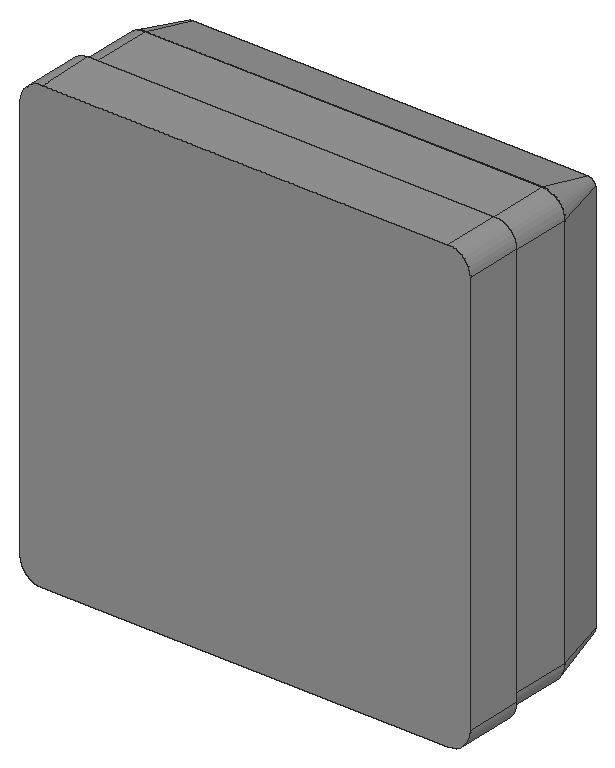
Revit family "IEK_РозеткаСетевая_ОткрытойУстановки_C ЗК 16А четырехместная IP20_ОКТАВА", category Электрические приборы, Revit 2019
Family settings
  Сохранять ориентацию аннотаций = Да
  Размер круглого соединителя = Использовать диаметр
  Тип детали = Нормальный
  На основе рабочей плоскости = Нет
  Всегда вертикально = Да
  При загрузке вырезать с полостями = Нет
  Общий = Нет
  Точка расчета площади = Нет
Parameters (values of type "РС24-3-ОД")
  Ширина = 103 mm  # constant formula
  Тип монтажа = "Поверхность монтажа (открытая установка)"  # constant formula
  Степень защиты = "IP20"  # constant formula
  Изготовитель = "IEK"  # constant formula
  Дата изменения = ""
  Глубина = 40.5 mm  # constant formula
  Высота = 103 mm  # constant formula
  ΔХ [instance] = 2000 mm
  ΔY [instance] = 2000 mm
  KSI_CPr_Строительные изделия = "20.4.03.04 20.4.03.05 20.4.03.06"  # constant formula
  KSI_CMa_Строительные материалы = "01.7.14.03"  # constant formula
  IEK_Цена за единицу = 745.92
  IEK_Поиск в таблице имен = ""
  IEK_Описание = "Универсальный дизайн серии открытой установки \"ОКТАВА\" позволяет устанавливать изделия в квартирах, загородных домах, офисных и производственных помещениях."
  IEK_URL = "https://www.iek.ru/products/catalog/izdeliya_elektroustanovochnye_udliniteli_i_silovye_razemy/elektroustanovochnye_izdeliya/elektroustanovochnye_izdeliya_otkrytogo_montazha_ip20/elektroustanovochnye_izdeliya_oktava/elektroustanovochnye_izdeliya_oktava_tsvet_dub/rozetka_4_mestnaya_dlya_otkrytoy_ustanovki_rs24_3_od_s_zazemlyayushchim_kontaktom_16a_oktava_dub_iek"
  ADSK_Ток [instance] = 16 A  # constant formula
  ADSK_Примечание = ""
  ADSK_Полная мощность [instance] = ADSK_Номинальная мощность / ADSK_Коэффициент мощности  # 3520 VA
  ADSK_Позиция [instance] = ""
  ADSK_Номинальная мощность [instance] = ADSK_Ток * ADSK_Напряжение * sqrt(ADSK_Количество фаз числовое) * ADSK_Коэффициент мощности  # 3520 W
  ADSK_Напряжение = 220 V  # constant formula
  ADSK_Наименование = "Розетка 4-местная для открытой установки РС24-3-ОД с заземляющим контактом 16А ОКТАВА дуб IEK"
  ADSK_Материал обозначение = ""
  ADSK_Материал наименование = "Пластик"  # constant formula
  ADSK_Материал = Цвет дуб
  ADSK_Масса = 0.11  # constant formula
  ADSK_Марка = "ОКТАВА"  # constant formula
  ADSK_Коэффициент мощности [instance] = 1  # constant formula
  ADSK_Количество фаз числовое = 1
  ADSK_Количество фаз = 1
  ADSK_Код изделия = "ERO41-K04-16-DC"
  ADSK_Классификация нагрузок [instance] = Прочее
  ADSK_Завод-изготовитель = "IEK"  # constant formula
  ADSK_Единица измерения = "шт"  # constant formula
  ADSK_Группирование = "III ЭЛЕКТРОУСТАНОВОЧНЫЕ И ЭЛЕКТРОМОНТАЖНЫЕ ИЗДЕЛИЯ"  # constant formula
  ADSK_Версия семейства = "1.0"  # constant formula
  ADSK_Версия Revit = "2019"  # constant formula
  ADSK_URL страницы изделия = "https://www.iek.ru/products/catalog/izdeliya_elektroustanovochnye_udliniteli_i_silovye_razemy/elektroustanovochnye_izdeliya/elektroustanovochnye_izdeliya_otkrytogo_montazha_ip20/elektroustanovochnye_izdeliya_oktava/?pagec=100"
Types (3, lengths in mm): name | IEK_Цена за единицу | IEK_URL | ADSK_Наименование | ADSK_Материал | ADSK_Код изделия
  (no name) | 745.92 | "https://www.iek.ru/products/catalog/izdeliya_elektroustanovochnye_udliniteli_i_silovye_razemy/elektroustanovochnye_izdeliya/elektroustanovochnye_izdeliya_otkrytogo_montazha_ip20/elektroustanovochnye_izdeliya_oktava/elektroustanovochnye_izdeliya_oktava_tsvet_dub/rozetka_4_mestnaya_dlya_otkrytoy_ustanovki_rs24_3_od_s_zazemlyayushchim_kontaktom_16a_oktava_dub_iek" | "Розетка 4-местная для открытой установки РС24-3-ОД с заземляющим контактом 16А ОКТАВА дуб IEK" | Цвет дуб | "ERO41-K04-16-DC"
  РС24-3-ОБ | 520.21 | "https://www.iek.ru/products/catalog/izdeliya_elektroustanovochnye_udliniteli_i_silovye_razemy/elektroustanovochnye_izdeliya/elektroustanovochnye_izdeliya_otkrytogo_montazha_ip20/elektroustanovochnye_izdeliya_oktava/elektroustanovochnye_izdeliya_oktava_tsvet_belyy/rozetka_4_mestnaya_dlya_otkrytoy_ustanovki_rs24_3_ob_s_zazemlyayushchim_kontaktom_16a_oktava_belyy_iek" | "Розетка 4-местная для открытой установки РС24-3-ОБ с заземляющим контактом 16А ОКТАВА белый IEK" | Цвет белый | "ERO41-K01-16-DC"
  РС24-3-ОД | 745.92 | "https://www.iek.ru/products/catalog/izdeliya_elektroustanovochnye_udliniteli_i_silovye_razemy/elektroustanovochnye_izdeliya/elektroustanovochnye_izdeliya_otkrytogo_montazha_ip20/elektroustanovochnye_izdeliya_oktava/elektroustanovochnye_izdeliya_oktava_tsvet_dub/rozetka_4_mestnaya_dlya_otkrytoy_ustanovki_rs24_3_od_s_zazemlyayushchim_kontaktom_16a_oktava_dub_iek" | "Розетка 4-местная для открытой установки РС24-3-ОД с заземляющим контактом 16А ОКТАВА дуб IEK" | Цвет дуб | "ERO41-K04-16-DC"
Reference planes
  plane 1 "По центру (Вперед/Назад)": y = 0
  plane 2: z = 0
  plane 3 "По центру (Влево/Вправо)": x = 0
  plane 4 "Высота ножек": z = 280
  plane 5 "Высота": z = 2081.496
  plane 6: x = -2000
  plane 7: y = 2000
Forms (mm)
  Extrusion 1, void
    sketch origin (-0.021, 0, 71) x (1, 0, 0) y (0, 0, -1)
      loop
        circle (-21.059, 40.999) r 19.5
      loop
        circle (21.059, 40.999) r 19.5
      loop
        circle (-21.059, -0.999) r 19.5
      loop
        circle (21.059, -0.999) r 19.5
    from 24 to 41
  Extrusion 2, solid, material "Цвет дуб" <- "ADSK_Материал", detail levels fine
    sketch origin (-0.021, 0, 51) x (1, 0, 0) y (0, 0, -1)
      loop
        line (-51, 46) -> (-51, -46)
        arc (-51, -46) -> (-49.536, -49.536) -> (-46, -51) r 5
        line (-46, -51) -> (46, -51)
        arc (46, -51) -> (49.536, -49.536) -> (51, -46) r 5
        line (51, -46) -> (51, 46)
        arc (51, 46) -> (49.536, 49.536) -> (46, 51) r 5
        line (46, 51) -> (-46, 51)
        arc (-46, 51) -> (-49.536, 49.536) -> (-51, 46) r 5
    from 0 to 13
  Extrusion 3, solid, material "Цвет дуб" <- "ADSK_Материал", detail levels fine
    sketch origin (-0.021, 0, 51) x (1, 0, 0) y (0, 0, -1)
      loop
        line (-50, 44.962) -> (-50, -44.962)
        arc (-50, -44.962) -> (-48.524, -48.524) -> (-44.962, -50) r 5.038
        line (-44.962, -50) -> (45.005, -50)
        arc (45.005, -50) -> (48.537, -48.537) -> (50, -45.005) r 4.995
        line (50, -45.005) -> (50, 45.005)
        arc (50, 45.005) -> (48.537, 48.537) -> (45.005, 50) r 4.995
        line (45.005, 50) -> (-44.962, 50)
        arc (-44.962, 50) -> (-48.524, 48.524) -> (-50, 44.962) r 5.038
    from 13 to 28
  Blend 4, solid, material "Цвет дуб" <- "ADSK_Материал", detail levels fine
    base sketch origin (-0.021, 0, 51) x (1, 0, 0) y (0, 0, -1)
      loop
        line (-50, 44.962) -> (-50, -44.962)
        arc (-50, -44.962) -> (-48.524, -48.524) -> (-44.962, -50) r 5.038
        line (-44.962, -50) -> (45.005, -50)
        arc (45.005, -50) -> (48.537, -48.537) -> (50, -45.005) r 4.995
        line (50, -45.005) -> (50, 45.005)
        arc (50, 45.005) -> (48.537, 48.537) -> (45.005, 50) r 4.995
        line (45.005, 50) -> (-44.962, 50)
        arc (-44.962, 50) -> (-48.524, 48.524) -> (-50, 44.962) r 5.038
    top sketch origin (-0.021, 0, 51) x (1, 0, 0) y (0, 0, -1)
      loop
        line (-46.517, 44.856) -> (-46.517, -44.817)
        arc (-46.517, -44.817) -> (-46.019, -46.019) -> (-44.817, -46.517) r 1.7
        line (-44.817, -46.517) -> (44.817, -46.517)
        arc (44.817, -46.517) -> (46.019, -46.019) -> (46.517, -44.817) r 1.7
        line (46.517, -44.817) -> (46.517, 44.801)
        arc (46.517, 44.801) -> (46.014, 46.014) -> (44.801, 46.517) r 1.716
        line (44.801, 46.517) -> (-44.856, 46.517)
        arc (-44.856, 46.517) -> (-46.03, 46.03) -> (-46.517, 44.856) r 1.661
    from 28 to 41
  Extrusion 5, void
    sketch origin (-0.021, 0, 51) x (1, 0, 0) y (0, 0, -1)
      loop
        arc (-44.517, -42.517) -> (-43.931, -43.931) -> (-42.517, -44.517) r 2
        line (-42.517, -44.517) -> (42.517, -44.517)
        arc (42.517, -44.517) -> (43.931, -43.931) -> (44.517, -42.517) r 2
        line (44.517, -42.517) -> (44.517, 42.517)
        arc (44.517, 42.517) -> (43.931, 43.931) -> (42.517, 44.517) r 2
        line (42.517, 44.517) -> (-42.517, 44.517)
        arc (-42.517, 44.517) -> (-43.931, 43.931) -> (-44.517, 42.517) r 2
        line (-44.517, 42.517) -> (-44.517, -42.517)
      loop
        circle (-21, 21.008) r 20.5
      loop
        circle (21, 21.008) r 20.5
      loop
        circle (-21, -21.008) r 20.5
      loop
        circle (21, -21.008) r 20.5
    from 40.5 to 41
  Extrusion 6, void
    sketch origin (-0.021, 0, 70.99) x (1, 0, 0) y (0, 0, -1)
      loop
        circle (-30.54, -1.016) r 2.758
      loop
        circle (-11.491, -1.016) r 2.758
      loop
        circle (30.54, -1.016) r 2.758
      loop
        circle (11.491, -1.016) r 2.758
      loop
        circle (-30.54, 40.996) r 2.758
      loop
        circle (-11.491, 40.996) r 2.758
      loop
        circle (30.54, 40.996) r 2.758
      loop
        circle (11.491, 40.996) r 2.758
    from 24 to 22.6
  Extrusion 7, solid, material "Латунь", detail levels fine
    sketch origin (-0.021, 0, 51) x (0, 0, -1) y (0, 1, 0)
      loop
        line (40.059, 24) -> (40.933, 23.072) -> (36.485, 32.61)
        arc (36.485, 32.61) -> (36.315, 33.717) -> (36.765, 34.741) r 2
        line (36.765, 34.741) -> (39.5, 38) -> (38.229, 37.108) -> (36.459, 34.998)
        arc (36.459, 34.998) -> (35.918, 33.769) -> (36.122, 32.441) r 2.4
        line (36.122, 32.441) -> (40.059, 24)
      loop
        line (1.953, 24) -> (5.889, 32.441)
        arc (5.889, 32.441) -> (6.094, 33.769) -> (5.553, 34.998) r 2.4
        line (5.553, 34.998) -> (3.782, 37.108) -> (2.512, 38) -> (5.246, 34.741)
        arc (5.246, 34.741) -> (5.697, 33.717) -> (5.527, 32.61) r 2
        line (5.527, 32.61) -> (1.079, 23.072) -> (1.953, 24)
      loop
        line (-40.059, 24) -> (-36.122, 32.441)
        arc (-36.122, 32.441) -> (-35.918, 33.769) -> (-36.459, 34.998) r 2.4
        line (-36.459, 34.998) -> (-38.229, 37.108) -> (-39.5, 38) -> (-36.765, 34.741)
        arc (-36.765, 34.741) -> (-36.315, 33.717) -> (-36.485, 32.61) r 2
        line (-36.485, 32.61) -> (-40.933, 23.072) -> (-40.059, 24)
      loop
        line (-1.953, 24) -> (-1.079, 23.072) -> (-5.527, 32.61)
        arc (-5.527, 32.61) -> (-5.697, 33.717) -> (-5.246, 34.741) r 2
        line (-5.246, 34.741) -> (-2.512, 38) -> (-3.782, 37.108) -> (-5.553, 34.998)
        arc (-5.553, 34.998) -> (-6.094, 33.769) -> (-5.889, 32.441) r 2.4
        line (-5.889, 32.441) -> (-1.953, 24)
    from 19.5 to 22.5
  Extrusion 8, solid, material "Латунь", detail levels fine
    sketch origin (-0.021, 0, 51) x (0, 0, -1) y (0, -1, 0)
      loop
        line (40.059, -24) -> (36.122, -32.441)
        arc (36.122, -32.441) -> (35.918, -33.769) -> (36.459, -34.998) r 2.4
        line (36.459, -34.998) -> (38.229, -37.108) -> (39.5, -38) -> (36.765, -34.741)
        arc (36.765, -34.741) -> (36.315, -33.717) -> (36.485, -32.61) r 2
        line (36.485, -32.61) -> (40.933, -23.072) -> (40.059, -24)
      loop
        line (1.953, -24) -> (1.079, -23.072) -> (5.527, -32.61)
        arc (5.527, -32.61) -> (5.697, -33.717) -> (5.246, -34.741) r 2
        line (5.246, -34.741) -> (2.512, -38) -> (3.782, -37.108) -> (5.553, -34.998)
        arc (5.553, -34.998) -> (6.094, -33.769) -> (5.889, -32.441) r 2.4
        line (5.889, -32.441) -> (1.953, -24)
      loop
        line (-40.059, -24) -> (-40.933, -23.072) -> (-36.485, -32.61)
        arc (-36.485, -32.61) -> (-36.315, -33.717) -> (-36.765, -34.741) r 2
        line (-36.765, -34.741) -> (-39.5, -38) -> (-38.229, -37.108) -> (-36.459, -34.998)
        arc (-36.459, -34.998) -> (-35.918, -33.769) -> (-36.122, -32.441) r 2.4
        line (-36.122, -32.441) -> (-40.059, -24)
      loop
        line (-1.953, -24) -> (-5.889, -32.441)
        arc (-5.889, -32.441) -> (-6.094, -33.769) -> (-5.553, -34.998) r 2.4
        line (-5.553, -34.998) -> (-3.782, -37.108) -> (-2.512, -38) -> (-5.246, -34.741)
        arc (-5.246, -34.741) -> (-5.697, -33.717) -> (-5.527, -32.61) r 2
        line (-5.527, -32.61) -> (-1.079, -23.072) -> (-1.953, -24)
    from 19.5 to 22.5
  Extrusion 9, solid, detail levels coarse
    sketch origin (0, 0, 0) x (1, 0, 0) y (0, 1, 0)
      loop
        line (-51.021, 0) -> (50.979, 0) -> (50.979, 41) -> (-51.021, 41) -> (-51.021, 0)
    from 0 to 103
  Extrusion 10, solid, detail levels medium
    sketch origin (0, 0, 0) x (1, 0, 0) y (0, 1, 0)
      loop
        line (-51.021, 41) -> (-51.021, 0) -> (50.979, 0) -> (50.979, 41) -> (-51.021, 41)
    from 0 to 103
Cuts and joins
  Extrusion 1, Extrusion 5 cuts Blend 4
  Extrusion 1, Extrusion 6 cuts Extrusion 3
Lines and regions (mm)
  reference lines
    curve 1: line (0, 44.647, 0) -> (0, -55.353, 0)
    curve 2: line (-23.829, 0, 0) -> (76.171, 0, 0)
Dimensions and locks
  locked: plane 4 "Высота ножек" to plane 2 at 280
  plane 5 "Высота" to plane 4 "Высота ножек" = 1801.496 mm
  "ΔХ": plane 6 to curve 1
  "ΔY": plane 7 to curve 2
  aligned and locked: level to plane 2
  aligned and locked: nested 1 to curve 1
  aligned and locked: curve 2 to nested 1
  aligned and locked: Extrusion 3 to Extrusion 2
  aligned and locked: Blend 4 to Extrusion 3
Automatic sketch dimensions
  Extrusion 1 sketch curve to plane 3 "По центру (Влево/Вправо)" = 21.08 mm  (x2)
  level to Extrusion 1 sketch curve = 30.001 mm  (x2)
  plane 3 "По центру (Влево/Вправо)" to Extrusion 1 sketch curve = 21.037 mm  (x2)
  level to Extrusion 1 sketch curve = 71.999 mm  (x2)
  Extrusion 2 sketch curve to plane 3 "По центру (Влево/Вправо)" = 51.021 mm
  Extrusion 2 sketch curve to Extrusion 2 sketch curve = 5 mm  (x3)
  plane 3 "По центру (Влево/Вправо)" to Extrusion 2 sketch curve = 45.979 mm  (x2)
  level to Extrusion 2 sketch curve = 5 mm
  level to Extrusion 2 sketch curve = 97 mm
  Extrusion 3 sketch curve to plane 3 "По центру (Влево/Вправо)" = 50.021 mm
  Extrusion 3 sketch curve to Extrusion 3 sketch curve = 5.038 mm  (x2)
  level to Extrusion 3 sketch curve = 1 mm
  plane 3 "По центру (Влево/Вправо)" to Extrusion 3 sketch curve = 44.984 mm  (x2)
  Extrusion 3 sketch curve to Extrusion 3 sketch curve = 4.995 mm
  level to Extrusion 3 sketch curve = 95.962 mm
  Blend 4 sketch curve to plane 3 "По центру (Влево/Вправо)" = 50.021 mm
  Blend 4 sketch curve to Blend 4 sketch curve = 5.038 mm  (x2)
  plane 3 "По центру (Влево/Вправо)" to Blend 4 sketch curve = 44.984 mm  (x2)
  level to Blend 4 sketch curve = 5.995 mm
  Blend 4 sketch curve to Blend 4 sketch curve = 4.995 mm
  level to Blend 4 sketch curve = 95.962 mm
  Blend 4 sketch curve to plane 3 "По центру (Влево/Вправо)" = 46.538 mm
  Blend 4 sketch curve to Blend 4 sketch curve = 1.661 mm
  Blend 4 sketch curve to Blend 4 sketch curve = 1.7 mm
  plane 3 "По центру (Влево/Вправо)" to Blend 4 sketch curve = 44.78 mm
  plane 3 "По центру (Влево/Вправо)" to Blend 4 sketch curve = 44.795 mm
  Blend 4 sketch curve to Blend 4 sketch curve = 1.716 mm
  level to Blend 4 sketch curve = 97.517 mm
  level to Blend 4 sketch curve = 6.199 mm
  Extrusion 5 sketch curve to plane 3 "По центру (Влево/Вправо)" = 44.538 mm
  Extrusion 5 sketch curve to Extrusion 5 sketch curve = 2 mm  (x3)
  Extrusion 5 sketch curve to plane 3 "По центру (Влево/Вправо)" = 21.022 mm  (x2)
  level to Extrusion 5 sketch curve = 29.992 mm  (x2)
  plane 3 "По центру (Влево/Вправо)" to Extrusion 5 sketch curve = 20.979 mm  (x2)
  Extrusion 5 sketch curve to Extrusion 5 sketch curve = 21.516 mm  (x2)
  level to Extrusion 5 sketch curve = 72.008 mm  (x2)
  Extrusion 5 sketch curve to Extrusion 5 sketch curve = 21.508 mm
  level to Extrusion 5 sketch curve = 8.483 mm
  level to Extrusion 6 sketch curve = 29.994 mm  (x4)
  Extrusion 6 sketch curve to plane 3 "По центру (Влево/Вправо)" = 30.562 mm  (x2)
  Extrusion 6 sketch curve to plane 3 "По центру (Влево/Вправо)" = 11.512 mm  (x2)
  plane 3 "По центру (Влево/Вправо)" to Extrusion 6 sketch curve = 11.47 mm  (x2)
  Extrusion 6 sketch curve to Extrusion 6 sketch curve = 19.049 mm  (x2)
  level to Extrusion 6 sketch curve = 72.006 mm  (x2)
  Extrusion 6 sketch curve to Extrusion 6 sketch curve = 0 mm  (x2)
  Extrusion 7 sketch curve to Extrusion 7 sketch curve = 0 mm  (x8)
  Extrusion 7 sketch curve to plane 1 "По центру (Вперед/Назад)" = 23.072 mm  (x4)
  level to Extrusion 7 sketch curve = 91.933 mm
  Extrusion 7 sketch curve to plane 1 "По центру (Вперед/Назад)" = 24 mm  (x4)
  Extrusion 7 sketch curve to Extrusion 7 sketch curve = 0.874 mm  (x4)
  Extrusion 7 sketch curve to plane 1 "По центру (Вперед/Назад)" = 38 mm
  Extrusion 7 sketch curve to Extrusion 7 sketch curve = 0.559 mm
  Extrusion 7 sketch curve to Extrusion 7 sketch curve = 1.202 mm  (x2)
  Extrusion 7 sketch curve to plane 1 "По центру (Вперед/Назад)" = 37.108 mm
  Extrusion 7 sketch curve to Extrusion 7 sketch curve = 1.271 mm  (x4)
  Extrusion 7 sketch curve to plane 1 "По центру (Вперед/Назад)" = 34.741 mm  (x3)
  Extrusion 7 sketch curve to Extrusion 7 sketch curve = 1.532 mm  (x4)
  Extrusion 7 sketch curve to plane 1 "По центру (Вперед/Назад)" = 32.61 mm
  Extrusion 7 sketch curve to Extrusion 7 sketch curve = 1.813 mm  (x2)
  Extrusion 7 sketch curve to plane 1 "По центру (Вперед/Назад)" = 34.998 mm  (x2)
  Extrusion 7 sketch curve to Extrusion 7 sketch curve = 0.306 mm  (x4)
  Extrusion 7 sketch curve to plane 1 "По центру (Вперед/Назад)" = 32.441 mm  (x2)
  level to Extrusion 7 sketch curve = 56.889 mm
  Extrusion 7 sketch curve to Extrusion 7 sketch curve = 0.337 mm  (x2)
  Extrusion 7 sketch curve to Extrusion 7 sketch curve = 0.363 mm  (x3)
  Extrusion 7 sketch curve to Extrusion 7 sketch curve = 1.77 mm  (x2)
  Extrusion 7 sketch curve to Extrusion 7 sketch curve = 3.936 mm  (x2)
  Extrusion 7 sketch curve to Extrusion 7 sketch curve = 2.158 mm
  Extrusion 7 sketch curve to Extrusion 7 sketch curve = 5.024 mm
  level to Extrusion 7 sketch curve = 14.878 mm
  Extrusion 7 sketch curve to Extrusion 7 sketch curve = 2.3 mm
  Extrusion 7 sketch curve to Extrusion 7 sketch curve = 8.441 mm
  Extrusion 7 sketch curve to Extrusion 7 sketch curve = 0.169 mm  (x2)
  Extrusion 7 sketch curve to Extrusion 7 sketch curve = 0.845 mm
  Extrusion 7 sketch curve to Extrusion 7 sketch curve = 2.11 mm  (x3)
  Extrusion 7 sketch curve to Extrusion 7 sketch curve = 0.892 mm  (x3)
  Extrusion 8 sketch curve to Extrusion 8 sketch curve = 0 mm  (x9)
  Extrusion 8 sketch curve to plane 1 "По центру (Вперед/Назад)" = 23.072 mm  (x4)
  level to Extrusion 8 sketch curve = 91.933 mm
  Extrusion 8 sketch curve to plane 1 "По центру (Вперед/Назад)" = 24 mm  (x4)
  Extrusion 8 sketch curve to Extrusion 8 sketch curve = 0.874 mm  (x4)
  Extrusion 8 sketch curve to plane 1 "По центру (Вперед/Назад)" = 38 mm
  Extrusion 8 sketch curve to Extrusion 8 sketch curve = 0.559 mm
  Extrusion 8 sketch curve to Extrusion 8 sketch curve = 1.202 mm  (x2)
  Extrusion 8 sketch curve to plane 1 "По центру (Вперед/Назад)" = 37.108 mm
  Extrusion 8 sketch curve to Extrusion 8 sketch curve = 1.271 mm  (x4)
  Extrusion 8 sketch curve to plane 1 "По центру (Вперед/Назад)" = 34.741 mm  (x3)
  Extrusion 8 sketch curve to Extrusion 8 sketch curve = 1.532 mm  (x4)
  Extrusion 8 sketch curve to plane 1 "По центру (Вперед/Назад)" = 32.61 mm
  Extrusion 8 sketch curve to Extrusion 8 sketch curve = 1.813 mm  (x2)
  Extrusion 8 sketch curve to plane 1 "По центру (Вперед/Назад)" = 34.998 mm  (x2)
  Extrusion 8 sketch curve to Extrusion 8 sketch curve = 0.306 mm  (x4)
  Extrusion 8 sketch curve to plane 1 "По центру (Вперед/Назад)" = 32.441 mm  (x2)
  level to Extrusion 8 sketch curve = 56.889 mm
  Extrusion 8 sketch curve to Extrusion 8 sketch curve = 0.337 mm  (x2)
  Extrusion 8 sketch curve to Extrusion 8 sketch curve = 0.363 mm  (x3)
  Extrusion 8 sketch curve to Extrusion 8 sketch curve = 1.77 mm  (x2)
  Extrusion 8 sketch curve to Extrusion 8 sketch curve = 3.936 mm  (x2)
  Extrusion 8 sketch curve to Extrusion 8 sketch curve = 2.158 mm
  Extrusion 8 sketch curve to Extrusion 8 sketch curve = 5.024 mm
  level to Extrusion 8 sketch curve = 14.878 mm
  Extrusion 8 sketch curve to Extrusion 8 sketch curve = 3.259 mm  (x2)
  Extrusion 8 sketch curve to Extrusion 8 sketch curve = 0.892 mm  (x3)
  Extrusion 8 sketch curve to Extrusion 8 sketch curve = 0.257 mm  (x2)
  Extrusion 8 sketch curve to Extrusion 8 sketch curve = 2.11 mm
  Extrusion 8 sketch curve to Extrusion 8 sketch curve = 1.286 mm  (x2)
  plane 1 "По центру (Вперед/Назад)" to Extrusion 9 sketch curve = 0 mm
  Extrusion 9 sketch curve to plane 3 "По центру (Влево/Вправо)" = 51.021 mm
  plane 3 "По центру (Влево/Вправо)" to Extrusion 9 sketch curve = 50.979 mm
  Extrusion 9 sketch curve to plane 1 "По центру (Вперед/Назад)" = 41 mm
  plane 1 "По центру (Вперед/Назад)" to Extrusion 10 sketch curve = 0 mm
  Extrusion 10 sketch curve to plane 3 "По центру (Влево/Вправо)" = 51.021 mm
  plane 3 "По центру (Влево/Вправо)" to Extrusion 10 sketch curve = 50.979 mm
  Extrusion 10 sketch curve to plane 1 "По центру (Вперед/Назад)" = 41 mm
  curve 2 to plane 3 "По центру (Влево/Вправо)" = 23.829 mm
  plane 3 "По центру (Влево/Вправо)" to curve 2 = 76.171 mm
  plane 1 "По центру (Вперед/Назад)" to curve 1 = 55.353 mm
  curve 1 to plane 1 "По центру (Вперед/Назад)" = 44.647 mm
  radius of Extrusion 1 sketch curve = 19.5 mm  (x4)
  radius of Extrusion 5 sketch curve = 20.5 mm  (x4)
  radius of Extrusion 6 sketch curve = 2.758 mm  (x8)
Nested families
  nested 1: "УГО Розетки" at (0, 0, 0), type "2PE-O", detail levels coarse+medium
    with Количество в блоке "4Б", Блок розеток yes, IP44 no
Connectors
  electrical at (-0.021, 0, 51), driven by "ADSK_Количество фаз", driven by "ADSK_Классификация нагрузок", driven by "ADSK_Напряжение", driven by "ADSK_Полная мощность", driven by "ADSK_Коэффициент мощности"
    settings: on Extrusion 2, index 1, voltage 220 V, apparent load 0 VA, apparent load phase1 3520 VA, apparent load phase2 0 VA, apparent load phase3 0 VA, power factor 1, load classification "Прочее", number of poles 1, system type 31, power factor state 1, is connector primary yes, connector utility no, sub classification motor no, connector description ""
Definition of nested family "УГО Розетки"
  Parameters (values of type "3PE-O")
    Количество в блоке [instance] = ""
    Блок розеток [instance] = no
    IP44 [instance] = no
    3PE-O = yes
    3PE-C = no
    2PE-O = no
    2PE-C = no
    2P-O = no
    2P-C = no
  Types (6, lengths in mm): name | 3PE-O | 3PE-C | 2PE-O | 2PE-C | 2P-O | 2P-C
    2P-O | no | no | no | no | yes | no
    3PE-O | yes | no | no | no | no | no
    2P-C | no | no | no | no | no | yes
    2PE-C | no | no | no | yes | no | no
    2PE-O | no | no | yes | no | no | no
    3PE-C | no | yes | no | no | no | no
  Reference planes
    plane 1: y = 0
    plane 2: x = 0
  Lines and regions (mm)
    Filled region 1, type "Цветовая область 1", visible <- "IP44"
      outline origin (0, 0, 0) x (1, 0, 0) y (0, 1, 0)
        loop
          line (-2.5, 0) -> (2.5, 0)
          arc (2.5, 0) -> (0, 2.5) -> (-2.5, 0) r 2.5
    Filled region 2, type "Цветовая область 1", visible <- "IP44", not visible
      outline origin (0, 0, 0) x (1, 0, 0) y (0, 1, 0)
        loop
          line (-2.5, 4.664) -> (2.5, 4.664)
          arc (2.5, 4.664) -> (0, 7.164) -> (-2.5, 4.664) r 2.5
    detail lines
      curve 1: line (-2.5, 0, 0) -> (2.5, 0, 0)
      curve 3: line (0, 2.5, 0) -> (0, 5, 0)
      curve 4: arc (-2.5, 0, 0) -> (0, 2.5, 0) -> (2.5, 0, 0) r 2.5
    detail lines, visible <- "3PE-C"
      curve 2: line (0, 0, 0) -> (0, 2.5, 0)
      curve 5: line (-2.5, 2.5, 0) -> (2.5, 2.5, 0)
      curve 17: line (0, 2.5, 0) -> (1.768, 4.268, 0)
      curve 18: line (0, 2.5, 0) -> (-1.768, 4.268, 0)
    detail lines, not visible
      curve 6: line (-2.5, 4.664, 0) -> (2.5, 4.664, 0)
      curve 8: line (0, 7.164, 0) -> (0, 9.664, 0)
      curve 9: arc (-2.5, 4.664, 0) -> (0, 7.164, 0) -> (2.5, 4.664, 0) r 2.5
    detail lines, visible <- "3PE-C", not visible
      curve 7: line (0, 4.664, 0) -> (0, 7.164, 0)
      curve 10: line (-2.5, 7.164, 0) -> (2.5, 7.164, 0)
      curve 23: line (0, 7.164, 0) -> (1.768, 8.932, 0)
      curve 24: line (0, 7.164, 0) -> (-1.768, 8.932, 0)
    detail lines, visible <- "3PE-O"
      curve 11: line (-2.5, 2.5, 0) -> (2.5, 2.5, 0)
      curve 19: line (0, 2.5, 0) -> (1.768, 4.268, 0)
      curve 20: line (0, 2.5, 0) -> (-1.768, 4.268, 0)
    detail lines, visible <- "3PE-O", not visible
      curve 12: line (-2.5, 7.164, 0) -> (2.5, 7.164, 0)
      curve 25: line (0, 7.164, 0) -> (1.768, 8.932, 0)
      curve 26: line (0, 7.164, 0) -> (-1.768, 8.932, 0)
    detail lines, visible <- "2PE-C"
      curve 13: line (0, 0, 0) -> (0, 2.5, 0)
      curve 22: line (-2.5, 2.5, 0) -> (2.5, 2.5, 0)
    detail lines, visible <- "2P-C"
      curve 14: line (0, 0, 0) -> (0, 2.5, 0)
    detail lines, visible <- "2PE-C", not visible
      curve 15: line (0, 4.664, 0) -> (0, 7.164, 0)
      curve 28: line (-2.5, 7.164, 0) -> (2.5, 7.164, 0)
    detail lines, visible <- "2P-C", not visible
      curve 16: line (0, 4.664, 0) -> (0, 7.164, 0)
    detail lines, visible <- "2PE-O"
      curve 21: line (-2.5, 2.5, 0) -> (2.5, 2.5, 0)
    detail lines, visible <- "2PE-O", not visible
      curve 27: line (-2.5, 7.164, 0) -> (2.5, 7.164, 0)
    reference lines
      curve 29: line (100, 9.605, 0) -> (100, -3.971, 0)
  Text (mm)
    label "3" at (1.908, 5.573, 0), shows "Количество в блоке", visible <- "Блок розеток"
    label "3" at (1.908, 10.237, 0), shows "Количество в блоке", visible <- "Блок розеток", not visible
  Dimensions and locks
    aligned and locked: Filled region 1 sketch curve to curve 4
    aligned and locked: Filled region 2 sketch curve to curve 9
